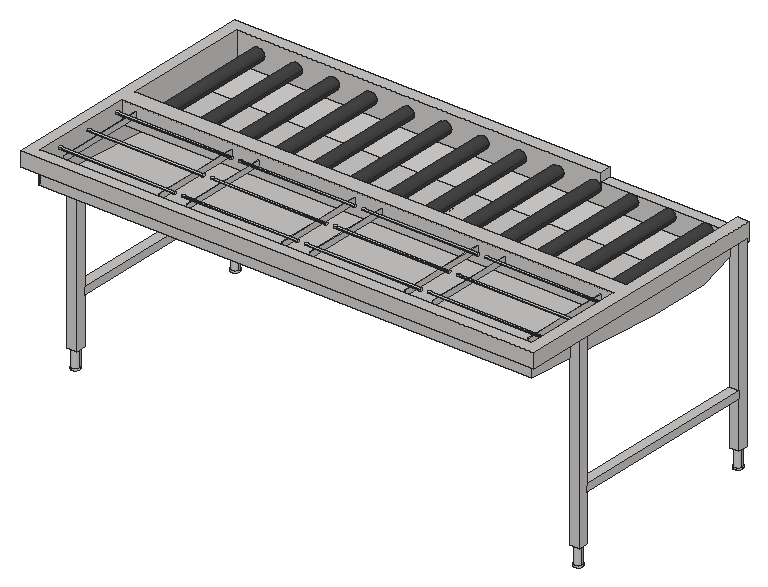
Revit family "QF_ELECTROLUXPROFESSIONAL_865262_HSMSF4LR", category Specialty Equipment, Revit 2018
Family settings
  Round Connector Dimension = Use Diameter
  Part Type = Normal
  Work Plane-Based = No
  Always vertical = Yes
  Cut with Voids When Loaded = No
  Shared = No
  Room Calculation Point = No
Parameters
  Weight = 0.00 kg
  Watts = 0 W
  Volts = 0 V
  URL Manufacturer = ""
  Steam Supply Size = 0 mm
  Steam Supply Minimum Pressure = 0.0 Pa
  Steam Supply Maximum Pressure = 0.0 Pa
  Steam Pounds per Hour = 0
  Refrigeration Suction Line Size = 0 mm
  Refrigeration Liquid Line Size = 0 mm
  Refrigerant Compressor Remote = yes
  Phase = 0
  Length Actual = 0 mm
  Item Number = ""
  Hot Water Size = 0 mm
  Height Actual = 0 mm
  HP = ""
  Gas Size = 0 mm
  Gas KW = 0
  Gas Input Pressure = 0 W
  Depth Actual = 0 mm
  Cycle = 0 Hz
  Condensate Return Size = 0 mm
  Compressed Air Volume = 0.0 L/s
  Compressed Air Size = 0 mm
  Compressed Air Pressure = 0.0 Pa
  Cold Water Size = 0 mm
  Accessory = yes
Reference planes
  plane 1: z = 0
  plane 2 "RIGHT": x = 810
  plane 3: z = 910
  plane 4: z = 0
  plane 5: z = 300
  plane 6 "BACK": y = 310
  plane 7 "FRONT": y = -800
  plane 8 "LEFT": x = -1320
  plane 9 "Center": x = 500
Forms (mm)
  Extrusion 1, solid, material "QF_Finishes_Stainless Steel"
    sketch origin (0, 0, 0) x (-1, 0, 0) y (0, -1, 0)
      loop
        line (1320, 800) -> (-810, 800) -> (-810, -310) -> (-765, -310) -> (-765, 755) -> (1275, 755) -> (1275, -265) -> (-235, -265) -> (-235, -310) -> (1320, -310) -> (1320, 800)
    from 850.091 to 910
  Extrusion 2, solid, material "QF_Finishes_Stainless Steel"
    sketch origin (0, 0, 0) x (0, 1, 0) y (0, 0, -1)
      loop
        line (-756.248, -850.091) -> (-755, -850.091) -> (-755, -784.848) -> (-131.111, -741.138) -> (130.374, -741.138) -> (265, -784.879) -> (265, -850.091) -> (266.249, -850.091) -> (266.249, -782.13) -> (130.849, -738.138) -> (-131.216, -738.138) -> (-756.248, -781.928) -> (-756.248, -850.091)
    from -765 to 1275
  Revolve 3, solid, material "QF_Finishes_Stainless Steel"
    sketch origin (-255, 0.526, -123.199) x (-1, 0, 0) y (0, 0, -1)
      loop
        line (76.494, -861.337) -> (76.494, -847.59)
        arc (76.494, -847.59) -> (75.89, -845.987) -> (74.39, -845.16) r 2.474
        arc (74.39, -845.16) -> (71.083, -841.301) -> (74.377, -837.43) r 3.913
        arc (74.377, -837.43) -> (75.887, -836.598) -> (76.494, -834.985) r 2.49
        line (76.494, -834.985) -> (76.494, -794.661)
        arc (76.494, -794.661) -> (65.844, -763.962) -> (38.457, -746.476) r 49.516
        line (38.457, -746.476) -> (38.457, -743.987) -> (37.25, -742.336) -> (37.25, -740.749) -> (23.47, -734.749) -> (23.47, -698.838) -> (21.946, -697.377) -> (0, -697.377) -> (0, -861.337) -> (76.494, -861.337)
      axis (0, -861.337) -> (0, -697.377)
    angle from 0 to 360
  Extrusion 4, solid, material "QF_Finishes_Stainless Steel"
    sketch origin (0, 0, 0) x (-1, 0, 0) y (0, -1, 0)
      loop
        line (-765, 330.124) -> (-765, 265) -> (1275, 265) -> (1275, 330.124) -> (-765, 330.124)
    from 820 to 910
  Extrusion 5, solid, material "QF_Finishes_Stainless Steel"
    sketch origin (6.015, 0, -602.691) x (-1, 0, 0) y (0, -1, 0)
      loop
        line (1283.015, -266.249) -> (1323.015, -266.249) -> (1323.015, 521.738) -> (1283.015, 521.738) -> (1283.015, -266.249)
    from 872.691 to 902.691
  Extrusion 6, solid, material "QF_Finishes_Stainless Steel"
    sketch origin (-1277, 0, 0) x (0, 1, 0) y (0, 0, -1)
      loop
        line (-756.248, -781.928) -> (-756.248, -850.091) -> (266.249, -850.091) -> (266.249, -782.13) -> (130.849, -738.138) -> (-131.216, -738.138) -> (-756.248, -781.928)
    from 0 to -2
  Extrusion 7, solid, material "QF_Finishes_Stainless Steel"
    sketch origin (767, 0, 0) x (0, 1, 0) y (0, 0, 1)
      loop
        line (-756.248, 850.091) -> (-756.248, 781.928) -> (-131.216, 738.138) -> (130.849, 738.138) -> (266.249, 782.13) -> (266.249, 850.091) -> (-756.248, 850.091)
    from 0 to -2
  Extrusion 8, solid, material "QF_Finishes_Stainless Steel"
    sketch origin (-516, 0.054, -598.981) x (1, 0, 0) y (0, 1, 0)
      loop
        line (1283, 266.195) -> (1283, -521.792) -> (1323, -521.792) -> (1323, 266.195) -> (1283, 266.195)
    from 869.081 to 898.981
  Extrusion 9, solid, material "QF_Finishes_Black"
    sketch origin (0, -2.5, 0) x (-1, 0, 0) y (0, 0, 1)
      loop
        circle (255, 850.047) r 25
      loop
        circle (100, 850.047) r 25
      loop
        circle (-55, 850.047) r 25
      loop
        circle (-210, 850.047) r 25
      loop
        circle (-365, 850.047) r 25
      loop
        circle (-520, 850.047) r 25
      loop
        circle (-675, 850.047) r 25
      loop
        circle (410, 850.047) r 25
      loop
        circle (565, 850.047) r 25
      loop
        circle (720, 850.047) r 25
      loop
        circle (875, 850.047) r 25
      loop
        circle (1030, 850.047) r 25
      loop
        circle (1185, 850.047) r 25
    from -262.5 to 267.5
  Extrusion 10, solid, material "QF_Finishes_Stainless Steel"
    sketch origin (0, -7.263, 2.863) x (-1, 0, 0) y (0, -1, 0)
      loop
        line (-200.029, 694.438) -> (-200.029, 322.861) -> (-196.981, 322.861) -> (-196.981, 694.438) -> (-200.029, 694.438)
      loop
        line (196.981, 694.438) -> (196.981, 322.861) -> (200.029, 322.861) -> (200.029, 694.438) -> (196.981, 694.438)
      loop
        line (-710.007, 694.438) -> (-710.007, 322.861) -> (-707.023, 322.861) -> (-707.023, 694.438) -> (-710.007, 694.438)
      loop
        line (-312.998, 694.438) -> (-312.998, 322.861) -> (-310.013, 322.861) -> (-310.013, 694.438) -> (-312.998, 694.438)
      loop
        line (1220.049, 694.438) -> (1217.001, 694.438) -> (1217.001, 322.861) -> (1220.049, 322.861) -> (1220.049, 694.438)
      loop
        line (823.039, 694.438) -> (819.991, 694.438) -> (819.991, 322.861) -> (823.039, 322.861) -> (823.039, 694.438)
      loop
        line (710.007, 694.438) -> (707.023, 694.438) -> (707.023, 322.861) -> (710.007, 322.861) -> (710.007, 694.438)
      loop
        line (312.997, 694.438) -> (310.013, 694.438) -> (310.013, 322.861) -> (312.997, 322.861) -> (312.997, 694.438)
    from 860 to 881.896
  Extrusion 11, solid, material "QF_Finishes_Stainless Steel"
    sketch origin (-2327.512, 265, 0) x (0, 1, 0) y (0, 0, 1)
      loop
        circle (-937.158, 888.745) r 3.985
      loop
        circle (-788.819, 888.745) r 3.985
      loop
        circle (-640.48, 888.745) r 3.985
    from 1067.5 to 1547.5
  Extrusion 12, solid, material "QF_Finishes_Stainless Steel"
    sketch origin (-1817.533, 265, 0) x (0, 1, 0) y (0, 0, 1)
      loop
        circle (-937.158, 888.745) r 3.985
      loop
        circle (-788.819, 888.745) r 3.985
      loop
        circle (-640.48, 888.745) r 3.985
    from 1067.5 to 1547.5
  Extrusion 13, solid, material "QF_Finishes_Stainless Steel"
    sketch origin (-1307.491, 265, 0) x (0, 1, 0) y (0, 0, 1)
      loop
        circle (-937.158, 888.745) r 3.985
      loop
        circle (-788.819, 888.745) r 3.985
      loop
        circle (-640.48, 888.745) r 3.985
    from 1067.5 to 1547.5
  Extrusion 14, solid, material "QF_Finishes_Stainless Steel"
    sketch origin (-797.513, 265, 0) x (0, 1, 0) y (0, 0, 1)
      loop
        circle (-937.158, 888.745) r 3.985
      loop
        circle (-788.819, 888.745) r 3.985
      loop
        circle (-640.48, 888.745) r 3.985
    from 1067.5 to 1547.5
  Extrusion 15, solid, material "QF_Finishes_Stainless Steel"
    sketch origin (447.5, 757.022, 0) x (-1, 0, 0) y (0, 0, 1)
      loop
        line (-362.5, 835) -> (-347.5, 820) -> (242.5, 820) -> (257.5, 835) -> (257.5, 850.091) -> (212.5, 850.091) -> (212.5, 875) -> (-317.5, 875) -> (-317.5, 850.091) -> (-362.5, 850.091) -> (-362.5, 835)
    from -450 to -447.022
  Extrusion 16, solid, material "QF_Finishes_Stainless Steel"
    sketch origin (235, -2290.751, 0) x (0, 1, 0) y (0, 0, 1)
      loop
        line (2597.773, 875) -> (2557, 875) -> (2557, 872) -> (2597.773, 872) -> (2597.773, 875)
    from 0 to 530
  Extrusion 17, solid, material "QF_Finishes_Stainless Steel"
    sketch origin (447.5, 713.272, 0) x (-1, 0, 0) y (0, 0, 1)
      loop
        line (-317.5, 850.091) -> (212.5, 850.091) -> (212.5, 875) -> (-317.5, 875) -> (-317.5, 850.091)
    from -448.272 to -447.022
Cuts and joins
  joined: Extrusion 1, Extrusion 2, Revolve 3, Extrusion 4, Extrusion 6, Extrusion 7, Extrusion 10, Extrusion 11, Extrusion 12, Extrusion 13, Extrusion 14, Extrusion 15, Extrusion 16, Extrusion 17
Lines and regions (mm)
  Split face 1
    outline origin (-131.315, -0.079, 741.138) x (-1, 0, 0) y (0, -1, 0)
      loop
        circle (123.685, -0.035) r 73.783
  Split face 2
    outline origin (-131.315, -0.079, 741.138) x (-1, 0, 0) y (0, -1, 0)
      loop
        circle (123.685, -0.035) r 66.01
  Split face 3
    outline origin (-131.315, -0.079, 741.138) x (-1, 0, 0) y (0, -1, 0)
      loop
        circle (123.685, -0.035) r 53.774
  Split face 4
    outline origin (-131.315, -0.079, 741.138) x (-1, 0, 0) y (0, -1, 0)
      loop
        circle (123.685, -0.035) r 50.771
  Split face 5
    outline origin (-131.315, -0.079, 741.138) x (-1, 0, 0) y (0, -1, 0)
      loop
        circle (123.685, -0.035) r 33.793
  Split face 6
    outline origin (-131.315, -0.079, 741.138) x (-1, 0, 0) y (0, -1, 0)
      loop
        circle (123.685, -0.035) r 30.826
  Split face 7
    outline origin (-131.315, -0.079, 741.138) x (-1, 0, 0) y (0, -1, 0)
      loop
        circle (123.685, -0.035) r 13.843
  Split face 8
    outline origin (-131.315, -0.079, 741.138) x (-1, 0, 0) y (0, -1, 0)
      loop
        circle (123.685, -0.035) r 10.833
  symbolic lines
    curve 1: line (-1320, 310, 0) -> (810, 310, 0)
    curve 2: line (-1320, -800, 0) -> (-1320, 310, 0)
    curve 3: line (810, -800, 0) -> (-1320, -800, 0)
    curve 4: line (810, 310, 0) -> (810, -800, 0)
    curve 5: line (-1275, 265, 0) -> (765, 265, 0)
    curve 6: line (-1275, -755, 0) -> (-1275, 265, 0)
    curve 7: line (765, -755, 0) -> (-1275, -755, 0)
    curve 8: line (-1275, -265, 0) -> (765, -265, 0)
    curve 9: line (765, -330.124, 0) -> (-1275, -330.124, 0)
    curve 10: line (-1260.012, -371.495, 0) -> (-1260.012, -379.465, 0)
    curve 11: line (-1260.012, -379.465, 0) -> (-780.012, -379.465, 0)
    curve 12: line (-780.012, -379.465, 0) -> (-780.012, -371.495, 0)
    curve 13: line (-780.012, -371.495, 0) -> (-1260.012, -371.495, 0)
    curve 14: line (-1260.012, -519.834, 0) -> (-1260.012, -527.804, 0)
    curve 15: line (-1260.012, -527.804, 0) -> (-780.012, -527.804, 0)
    curve 16: line (-780.012, -527.804, 0) -> (-780.012, -519.834, 0)
    curve 17: line (-780.012, -519.834, 0) -> (-1260.012, -519.834, 0)
    curve 18: line (-1260.012, -668.173, 0) -> (-1260.012, -676.143, 0)
    curve 19: line (-1260.012, -676.143, 0) -> (-780.012, -676.143, 0)
    curve 20: line (-780.012, -676.143, 0) -> (-780.012, -668.173, 0)
    curve 21: line (-780.012, -668.173, 0) -> (-1260.012, -668.173, 0)
    curve 22: line (-1220.049, -330.124, 0) -> (-1220.049, -371.495, 0)
    curve 23: line (-1217.001, -330.124, 0) -> (-1217.001, -371.495, 0)
    curve 24: line (-1220.049, -379.465, 0) -> (-1220.049, -519.834, 0)
    curve 25: line (-1220.049, -701.7, 0) -> (-1220.049, -676.143, 0)
    curve 26: line (-1220.049, -701.7, 0) -> (-1217.001, -701.7, 0)
    curve 27: line (-1217.001, -701.7, 0) -> (-1217.001, -676.143, 0)
    curve 28: line (-1220.049, -668.173, 0) -> (-1220.049, -527.804, 0)
    curve 29: line (-1217.001, -527.804, 0) -> (-1217.001, -668.173, 0)
    curve 30: line (-1217.001, -519.834, 0) -> (-1217.001, -379.465, 0)
    curve 31: line (-823.039, -330.124, 0) -> (-823.039, -371.495, 0)
    curve 32: line (-819.992, -330.124, 0) -> (-819.992, -371.495, 0)
    curve 33: line (-823.039, -379.465, 0) -> (-823.039, -519.834, 0)
    curve 34: line (-823.039, -701.7, 0) -> (-823.039, -676.143, 0)
    curve 35: line (-823.039, -701.7, 0) -> (-819.992, -701.7, 0)
    curve 36: line (-819.992, -701.7, 0) -> (-819.992, -676.143, 0)
    curve 37: line (-823.039, -668.173, 0) -> (-823.039, -527.804, 0)
    curve 38: line (-819.992, -527.804, 0) -> (-819.992, -668.173, 0)
    curve 39: line (-819.992, -519.834, 0) -> (-819.992, -379.465, 0)
    curve 40: line (-750.033, -371.495, 0) -> (-750.033, -379.465, 0)
    curve 41: line (-750.033, -379.465, 0) -> (-270.033, -379.465, 0)
    curve 42: line (-270.033, -379.465, 0) -> (-270.033, -371.495, 0)
    curve 43: line (-270.033, -371.495, 0) -> (-750.033, -371.495, 0)
    curve 44: line (-750.033, -519.834, 0) -> (-750.033, -527.804, 0)
    curve 45: line (-750.033, -527.804, 0) -> (-270.033, -527.804, 0)
    curve 46: line (-270.033, -527.804, 0) -> (-270.033, -519.834, 0)
    curve 47: line (-270.033, -519.834, 0) -> (-750.033, -519.834, 0)
    curve 48: line (-750.033, -668.173, 0) -> (-750.033, -676.143, 0)
    curve 49: line (-750.033, -676.143, 0) -> (-270.033, -676.143, 0)
    curve 50: line (-270.033, -676.143, 0) -> (-270.033, -668.173, 0)
    curve 51: line (-270.033, -668.173, 0) -> (-750.033, -668.173, 0)
    curve 52: line (-710.071, -330.124, 0) -> (-710.071, -371.495, 0)
    curve 53: line (-707.023, -330.124, 0) -> (-707.023, -371.495, 0)
    curve 54: line (-710.071, -379.465, 0) -> (-710.071, -519.834, 0)
    curve 55: line (-710.071, -701.7, 0) -> (-710.071, -676.143, 0)
    curve 56: line (-710.071, -701.7, 0) -> (-707.023, -701.7, 0)
    curve 57: line (-707.023, -701.7, 0) -> (-707.023, -676.143, 0)
    curve 58: line (-710.071, -668.173, 0) -> (-710.071, -527.804, 0)
    curve 59: line (-707.023, -527.804, 0) -> (-707.023, -668.173, 0)
    curve 60: line (-707.023, -519.834, 0) -> (-707.023, -379.465, 0)
    curve 61: line (-313.061, -330.124, 0) -> (-313.061, -371.495, 0)
    curve 62: line (-310.013, -330.124, 0) -> (-310.013, -371.495, 0)
    curve 63: line (-313.061, -379.465, 0) -> (-313.061, -519.834, 0)
    curve 64: line (-313.061, -701.7, 0) -> (-313.061, -676.143, 0)
    curve 65: line (-313.061, -701.7, 0) -> (-310.013, -701.7, 0)
    curve 66: line (-310.013, -701.7, 0) -> (-310.013, -676.143, 0)
    curve 67: line (-313.061, -668.173, 0) -> (-313.061, -527.804, 0)
    curve 68: line (-310.013, -527.804, 0) -> (-310.013, -668.173, 0)
    curve 69: line (-310.013, -519.834, 0) -> (-310.013, -379.465, 0)
    curve 70: line (-239.991, -371.495, 0) -> (-239.991, -379.465, 0)
    curve 71: line (-239.991, -379.465, 0) -> (240.009, -379.465, 0)
    curve 72: line (240.009, -379.465, 0) -> (240.009, -371.495, 0)
    curve 73: line (240.009, -371.495, 0) -> (-239.991, -371.495, 0)
    curve 74: line (-239.991, -519.834, 0) -> (-239.991, -527.804, 0)
    curve 75: line (-239.991, -527.804, 0) -> (240.009, -527.804, 0)
    curve 76: line (240.009, -527.804, 0) -> (240.009, -519.834, 0)
    curve 77: line (240.009, -519.834, 0) -> (-239.991, -519.834, 0)
    curve 78: line (-239.991, -668.173, 0) -> (-239.991, -676.143, 0)
    curve 79: line (-239.991, -676.143, 0) -> (240.009, -676.143, 0)
    curve 80: line (240.009, -676.143, 0) -> (240.009, -668.173, 0)
    curve 81: line (240.009, -668.173, 0) -> (-239.991, -668.173, 0)
    curve 82: line (-200.029, -330.124, 0) -> (-200.029, -371.495, 0)
    curve 83: line (-196.981, -330.124, 0) -> (-196.981, -371.495, 0)
    curve 84: line (-200.029, -379.465, 0) -> (-200.029, -519.834, 0)
    curve 85: line (-200.029, -701.7, 0) -> (-200.029, -676.143, 0)
    curve 86: line (-200.029, -701.7, 0) -> (-196.981, -701.7, 0)
    curve 87: line (-196.981, -701.7, 0) -> (-196.981, -676.143, 0)
    curve 88: line (-200.029, -668.173, 0) -> (-200.029, -527.804, 0)
    curve 89: line (-196.981, -527.804, 0) -> (-196.981, -668.173, 0)
    curve 90: line (-196.981, -519.834, 0) -> (-196.981, -379.465, 0)
    curve 91: line (196.981, -330.124, 0) -> (196.981, -371.495, 0)
    curve 92: line (200.029, -330.124, 0) -> (200.029, -371.495, 0)
    curve 93: line (196.981, -379.465, 0) -> (196.981, -519.834, 0)
    curve 94: line (196.981, -701.7, 0) -> (196.981, -676.143, 0)
    curve 95: line (196.981, -701.7, 0) -> (200.029, -701.7, 0)
    curve 96: line (200.029, -701.7, 0) -> (200.029, -676.143, 0)
    curve 97: line (196.981, -668.173, 0) -> (196.981, -527.804, 0)
    curve 98: line (200.029, -527.804, 0) -> (200.029, -668.173, 0)
    curve 99: line (200.029, -519.834, 0) -> (200.029, -379.465, 0)
    curve 100: line (269.987, -371.495, 0) -> (269.987, -379.465, 0)
    curve 101: line (269.987, -379.465, 0) -> (749.987, -379.465, 0)
    curve 102: line (749.987, -379.465, 0) -> (749.987, -371.495, 0)
    curve 103: line (749.987, -371.495, 0) -> (269.987, -371.495, 0)
    curve 104: line (269.987, -519.834, 0) -> (269.987, -527.804, 0)
    curve 105: line (269.987, -527.804, 0) -> (749.987, -527.804, 0)
    curve 106: line (749.987, -527.804, 0) -> (749.987, -519.834, 0)
    curve 107: line (749.987, -519.834, 0) -> (269.987, -519.834, 0)
    curve 108: line (269.987, -668.173, 0) -> (269.987, -676.143, 0)
    curve 109: line (269.987, -676.143, 0) -> (749.987, -676.143, 0)
    curve 110: line (749.987, -676.143, 0) -> (749.987, -668.173, 0)
    curve 111: line (749.987, -668.173, 0) -> (269.987, -668.173, 0)
    curve 112: line (309.95, -330.124, 0) -> (309.95, -371.495, 0)
    curve 113: line (312.998, -330.124, 0) -> (312.998, -371.495, 0)
    curve 114: line (309.95, -379.465, 0) -> (309.95, -519.834, 0)
    curve 115: line (309.95, -701.7, 0) -> (309.95, -676.143, 0)
    curve 116: line (309.95, -701.7, 0) -> (312.998, -701.7, 0)
    curve 117: line (312.998, -701.7, 0) -> (312.998, -676.143, 0)
    curve 118: line (309.95, -668.173, 0) -> (309.95, -527.804, 0)
    curve 119: line (312.998, -527.804, 0) -> (312.998, -668.173, 0)
    curve 120: line (312.998, -519.834, 0) -> (312.998, -379.465, 0)
    curve 121: line (706.959, -330.124, 0) -> (706.959, -371.495, 0)
    curve 122: line (710.007, -330.124, 0) -> (710.007, -371.495, 0)
    curve 123: line (706.959, -379.465, 0) -> (706.959, -519.834, 0)
    curve 124: line (706.959, -701.7, 0) -> (706.959, -676.143, 0)
    curve 125: line (706.959, -701.7, 0) -> (710.007, -701.7, 0)
    curve 126: line (710.007, -701.7, 0) -> (710.007, -676.143, 0)
    curve 127: line (706.959, -668.173, 0) -> (706.959, -527.804, 0)
    curve 128: line (710.007, -527.804, 0) -> (710.007, -668.173, 0)
    curve 129: line (710.007, -519.834, 0) -> (710.007, -379.465, 0)
    curve 130: line (-1210, 265, 0) -> (-1210, -265, 0)
    curve 131: line (-1160, -265, 0) -> (-1160, 265, 0)
    curve 132: line (-1055, 265, 0) -> (-1055, -265, 0)
    curve 133: line (-1005, -265, 0) -> (-1005, 265, 0)
    curve 134: line (-900, 265, 0) -> (-900, -265, 0)
    curve 135: line (-850, -265, 0) -> (-850, 265, 0)
    curve 136: line (-745, 265, 0) -> (-745, -265, 0)
    curve 137: line (-695, -265, 0) -> (-695, 265, 0)
    curve 138: line (-590, 265, 0) -> (-590, -265, 0)
    curve 139: line (-540, -265, 0) -> (-540, 265, 0)
    curve 140: line (-435, 265, 0) -> (-435, -265, 0)
    curve 141: line (-385, -265, 0) -> (-385, 265, 0)
    curve 142: line (-280, 265, 0) -> (-280, -265, 0)
    curve 143: line (-230, -265, 0) -> (-230, 265, 0)
    curve 144: line (-125, 265, 0) -> (-125, -265, 0)
    curve 145: line (-75, -265, 0) -> (-75, 265, 0)
    curve 146: line (30, 265, 0) -> (30, -265, 0)
    curve 147: line (80, -265, 0) -> (80, 265, 0)
    curve 148: line (185, 265, 0) -> (185, -265, 0)
    curve 149: line (235, -265, 0) -> (235, 265, 0)
    curve 150: line (340, 265, 0) -> (340, -265, 0)
    curve 151: line (390, -265, 0) -> (390, 265, 0)
    curve 152: line (495, 265, 0) -> (495, -265, 0)
    curve 153: line (545, -265, 0) -> (545, 265, 0)
    curve 154: line (650, 265, 0) -> (650, -265, 0)
    curve 155: line (765, -265, 0) -> (765, 310, 0)
    curve 156: line (765, -755, 0) -> (765, -330.124, 0)
    curve 157: line (700, 265, 0) -> (700, -265, 0)
    curve 158: line (235, 310, 0) -> (235, 265, 0)
    curve 159: line (500, 310, 0) -> (500, 280, 0)
    curve 160: arc (-178.504, 0.526, 0) -> (-255, -75.97, 0) -> (-331.496, 0.526, 0) r 76.496
    curve 161: arc (-331.496, 0.526, 0) -> (-255, 77.021, 0) -> (-178.504, 0.526, 0) r 76.496
    curve 162: arc (-233.054, 0.526, 0) -> (-255, 22.472, 0) -> (-276.946, 0.526, 0) r 21.946
    curve 163: arc (-276.946, 0.526, 0) -> (-255, -21.421, 0) -> (-233.054, 0.526, 0) r 21.946
Dimensions and locks
  plane 3 to level = 910 mm
  plane 8 "LEFT" to plane 2 "RIGHT" = 2130 mm
  aligned and locked: level to plane 1
Nested families
  nested 1: "Foot_40x40" at (-1297, -541.738, 0), type "Foot_40x40"
    with A 850.091 mm
  nested 2: "Foot_40x40" at (-1297, 286.249, 0), type "Foot_40x40"
    with A 850.091 mm
  nested 3: "Foot_40x40" at (787, -541.738, 0) x (-1, 0, 0) z (0, 0, 1), type "Foot_40x40"
    with A 850.091 mm
  nested 4: "Foot_40x40" at (787, 286.249, 0) x (-1, 0, 0) z (0, 0, 1), type "Foot_40x40"
    with A 850.091 mm
Connectors
  piping at (-255, 0.526, 574.178), diameter 30
    settings: on cut or joined group of Extrusion 1, Extrusion 2, Revolve 3, Extrusion 4, Extrusion 6, Extrusion 7, Extrusion 10, Extrusion 11, Extrusion 12, Extrusion 13, Extrusion 14, Extrusion 15, Extrusion 16, Extrusion 17, index 1, connector inside diameter 609.6 mm, connector length 0 mm, flow factor 0, pipe flow 0.0 L/s, pressure drop 0.0 Pa, fitting loss kfactor 0, connector angle 0.00°, fixture units 0, engagement length 0 mm, angle of deflection 0.00°, flow configuration 1, flow direction 2, fitting loss method 0, system type 16, joint type 0, gender type 0, connector reference index -1, connector utility 0, adjustable connector no, is connector primary yes, connector description "Drain"
Definition of nested family "Foot_40x40"
  Parameters
    A [instance] = 850 mm
  Reference planes
    plane 1 "Centro (Fronte/Retro)": y = 0
    plane 2: z = 0
    plane 3 "Centro (Sinistra/Destra)": x = 0
    plane 4: z = 850
  Forms (mm)
    Extrusion 1, solid
      sketch origin (0, 0, 0) x (1, 0, 0) y (0, 1, 0)
        loop
          circle (0, 0) r 18
      from 0 to 5
    Extrusion 2, solid
      sketch origin (0, 0, 5) x (1, 0, 0) y (0, 1, 0)
        loop
          circle (0, 0) r 15
      from 0 to 70
    Extrusion 3, solid
      sketch origin (0, 0, 75) x (1, 0, 0) y (0, 1, 0)
        loop
          line (-20, 20) -> (-20, -20) -> (20, -20) -> (20, 20) -> (-20, 20)
      from 0 to 775
  Dimensions and locks
    "A": plane 4 to plane 2
    aligned and locked: level to plane 2
    aligned and locked: plane 4 to Extrusion 3
    aligned and locked: Extrusion 1 to level
  Automatic sketch dimensions
    plane 1 "Centro (Fronte/Retro)" to Extrusion 1 sketch curve = 0 mm
    Extrusion 1 sketch curve to plane 3 "Centro (Sinistra/Destra)" = 0 mm
    Extrusion 3 sketch curve to Extrusion 3 sketch curve = 40 mm  (x2)
    radius of Extrusion 1 sketch curve = 18 mm
    radius of Extrusion 2 sketch curve to Extrusion 1 = 3 mm
